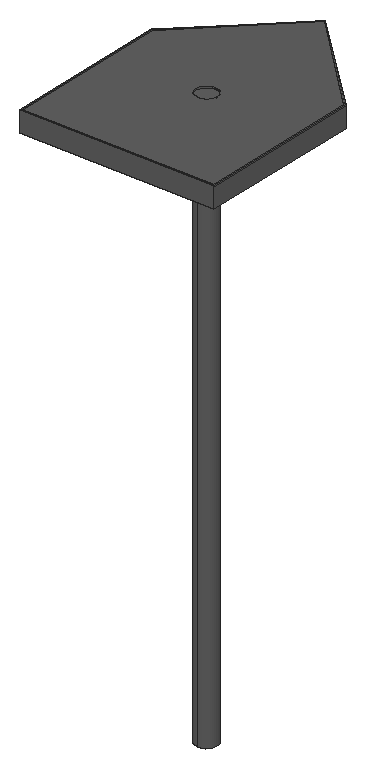
Revit family
Parameters (values of type "ST6-1000-EM")
  Width = 1' - 10"  # constant formula
  URL = "http://www.sitescapesonline.com/index.asp"
  Type Comments = "Stadium Collection, Baseball Theme Table"
  Table Material = Aluminum Sheet - SiteScapes - Powder Coat - Onyx
  Surface Pattern Material = Aluminum Sheet - SiteScapes - Onyx - Table Generic Pattern
  Has Surface Mount = no
  Product Page URL = "http://www.sitescapesonline.com/stadium-tables-chairs.asp"
  Product Documentation Link = "http://www.sitescapesonline.com/pdf/ST6-1000-EM%20-%20Customer%20Print.PDF"
  Model = "ST6-1000-EM"
  Manufacturer = "SiteScapes Inc."  # constant formula
  Height = 3' - 6"
  Embedded Tube Height = 2' - 0"
  Description = "Baseball Theme Table, Embedded Mount"
  Copyright © = "SiteScapes Inc."  # constant formula
  CTRL Tube Radius = 0' - 1 3/16"  # constant formula
  CTRL Tube Offset = 0' - 0"
Types (5): name | Has Surface Mount | Product Documentation Link | Model | Height | Embedded Tube Height | Description | CTRL Tube Offset
  (no name) | no | "http://www.sitescapesonline.com/pdf/ST6-1000-EM%20-%20Customer%20Print.PDF" | "ST6-1000-EM" | 3' - 6" | 2' - 0" | "Baseball Theme Table, Embedded Mount" | 0' - 0"
  ST6-1000-SM | yes | "http://www.sitescapesonline.com/PDF/ST6-1000%20-%20Customer%20Print.PDF" | "ST6-1000-SM" | 3' - 6" | 0' - 0" | "Baseball Theme Table, Surface Mount" | 0' - 0 3/8"
  ST6-1000-EM | no | "http://www.sitescapesonline.com/pdf/ST6-1000-EM%20-%20Customer%20Print.PDF" | "ST6-1000-EM" | 3' - 6" | 2' - 0" | "Baseball Theme Table, Embedded Mount" | 0' - 0"
  ST6-2000-EM | no | "http://www.sitescapesonline.com/pdf/ST6-2000-EM%20-%20Customer%20Print.PDF" | "ST6-2000-EM" | 2' - 7 3/4" | 1' - 6" | "Baseball Theme Table, Embedded Mount" | 0' - 0"
  ST6-2000-SM | yes | "http://www.sitescapesonline.com/pdf/ST6-2000-SM%20-%20Customer%20Print.PDF" | "ST6-2000-SM" | 2' - 7 3/4" | 0' - 0" | "Baseball Theme Table, Surface Mount" | 0' - 0 3/8"
Reference planes (in)
  plane 1 "Center Front/Back": y = 0
  plane 2 "Original Bottom": z = 0
  plane 3 "Center Left/Right": x = 0
  plane 4 "Tube Left": x = -1.1875
  plane 5 "Tube Right": x = 1.1875
  plane 6 "Tube Front": y = -1.1875
  plane 7 "Plate Top": z = 0.375
  plane 8 "Tube Back": y = 1.1875
  plane 9 "Top": z = 42
  plane 10 "Tubing Height": z = 39.625
  plane 11 "Left": x = -11
  plane 12 "Right": x = 11
  plane 13 "Front": y = -12.75
  plane 14 "Left Base": x = -6
  plane 15 "Right Base": x = 6
  plane 16 "Base Transition": y = 6
  plane 17 "Front Base": y = -6
  plane 18 "Back": y = 16.8125
  plane 19 "Tube Bottom": z = 0
  plane 20: z = -24
  plane 21: z = 41.875
Forms (in)
  Sweep 1, solid, material "Aluminum Sheet - SiteScapes - Powder Coat - Onyx" <- "Table Material", detail levels medium+fine
    path origin (0, 0, 0) x (1, 0, 0) y (0, 0, 1)
      loop
        line (0, -24) -> (0, 41.875)
    profile origin (0, 0, 8.9375) x (-1, 0, 0) y (0, -1, 0)
      loop
        circle (0, 0) r 1.1875
  Extrusion 2, solid, material "Aluminum Sheet - SiteScapes - Powder Coat - Onyx" <- "Table Material", detail levels medium+fine
    sketch origin (0, 0, 0) x (1, 0, 0) y (0, 1, 0)
      loop
        line (11, -12.75) -> (11, 6) -> (0, 16.8125) -> (-11, 6) -> (-11, -12.75) -> (11, -12.75)
      loop
        circle (0, 0) r 1.1875
    from 41.875 to 42
  Extrusion 3, solid, material "Aluminum Sheet - SiteScapes - Powder Coat - Onyx" <- "Table Material", visible <- "Has Surface Mount", detail levels medium+fine
    sketch origin (0.3123, 0.90452, 0) x (1, 0, 0) y (0, 1, 0)
      loop
        line (-6.3123, 5.09548) -> (-6.3123, -6.90452) -> (5.6877, -6.90452) -> (5.6877, 5.09548) -> (-6.3123, 5.09548)
    from 0 to 0.375
  Sweep 4, solid, material "Aluminum Sheet - SiteScapes - Powder Coat - Onyx" <- "Table Material", detail levels medium+fine
    path origin (1.1875, 0, 0) x (0, -1, 0) y (0, 0, 1)
      loop
        line (-6, 42) -> (-6, 39.625)
    profile origin (1.1875, 6, 40.8125) x (-1, 0, 0) y (0, -1, 0)
      loop
        line (12.1875, 0) -> (12.1875, 18.75) -> (-9.8125, 18.75) -> (-9.8125, 0) -> (1.1875, -10.8125) -> (12.1875, 0)
      loop
        line (1.1905, -10.72647) -> (12.0625, 0.14553) -> (12.0625, 18.625) -> (-9.6875, 18.625) -> (-9.6875, 0.15153) -> (1.1905, -10.72647)
Lines and regions (in)
  Masking region 1, visible <- "Has Surface Mount"
    outline origin (0, 0, 0) x (1, 0, 0) y (0, 0, 1)
      loop
        line (-6, 0) -> (6, 0) -> (6, 0.375) -> (-6, 0.375) -> (-6, 0)
  Masking region 2, detail levels medium+fine
    outline origin (0, 0, 0) x (1, 0, 0) y (0, 0, 1)
      loop
        line (-1.1875, -24) -> (1.1875, -24) -> (1.1875, 39.625) -> (11, 39.625) -> (11, 42) -> (-11, 42) -> (-11, 39.625) -> (-1.1875, 39.625) -> (-1.1875, -24)
  Masking region 3, visible <- "Has Surface Mount"
    outline origin (0, 0, 0) x (0, 1, 0) y (0, 0, 1)
      loop
        line (-6, 0) -> (6, 0) -> (6, 0.375) -> (-6, 0.375) -> (-6, 0)
  Masking region 4, detail levels medium+fine
    outline origin (0, 0, 0) x (0, 1, 0) y (0, 0, 1)
      loop
        line (-1.1875, -24) -> (1.1875, -24) -> (1.1875, 39.625) -> (16.8125, 39.625) -> (16.8125, 42) -> (-12.75, 42) -> (-12.75, 39.625) -> (-1.1875, 39.625) -> (-1.1875, -24)
  Masking region 5
    outline origin (0, 0, 42) x (-1, 0, 0) y (0, -1, 0)
      loop
        line (0, -16.8125) -> (11, -6) -> (11, 12.75) -> (-11, 12.75) -> (-11, -6) -> (0, -16.8125)
  symbolic lines, detail levels medium+fine
    curve 1: line (-1.1875, 0, 39.625) -> (1.1875, 0, 39.625)
  model lines, detail levels coarse
    curve 2: line (11, -12.75, 42) -> (11, 6, 42)
    curve 3: circle (0, 0, 0) r 1.1875 normal (0, 0, 1)
    curve 26: line (0, 0, -24) -> (0, 0, 39.625)
  model lines, visible <- "Has Surface Mount", detail levels coarse
    curve 4: line (-6, -6, 0.375) -> (6, -6, 0.375)
    curve 5: line (-6, 6, 0.375) -> (-6, -6, 0.375)
    curve 6: line (6, 6, 0.375) -> (-6, 6, 0.375)
    curve 7: line (6, -6, 0.375) -> (6, 6, 0.375)
    curve 8: line (-6, -6, 0) -> (6, -6, 0)
    curve 9: line (-6, 6, 0) -> (-6, -6, 0)
    curve 10: line (6, 6, 0) -> (-6, 6, 0)
    curve 11: line (6, -6, 0) -> (6, 6, 0)
    curve 12: line (-6, -6, 0) -> (-6, -6, 0.375)
    curve 13: line (6, -6, 0) -> (6, -6, 0.375)
    curve 14: line (-6, 6, 0) -> (-6, 6, 0.375)
    curve 15: line (6, 6, 0) -> (6, 6, 0.375)
  model lines, style "SpecialityEquipment", detail levels coarse
    curve 16: line (0, 16.8125, 39.625) -> (-11, 6, 39.625)
    curve 17: line (11, 6, 39.625) -> (0, 16.8125, 39.625)
    curve 18: line (11, -12.75, 39.625) -> (11, 6, 39.625)
    curve 19: line (-11, -12.75, 39.625) -> (11, -12.75, 39.625)
    curve 20: line (-11, 6, 39.625) -> (-11, -12.75, 39.625)
    curve 21: line (0, 16.8125, 42) -> (-11, 6, 42)
    curve 22: line (11, 6, 42) -> (0, 16.8125, 42)
    curve 23: line (11, -12.75, 42) -> (11, 6, 42)
    curve 24: line (-11, -12.75, 42) -> (11, -12.75, 42)
    curve 25: line (-11, 6, 42) -> (-11, -12.75, 42)
    curve 27: line (11, -12.75, 39.625) -> (11, -12.75, 42)
    curve 28: line (11, 6, 39.625) -> (11, 6, 42)
    curve 29: line (0, 16.8125, 39.625) -> (0, 16.8125, 42)
    curve 30: line (-11, -12.75, 39.625) -> (-11, -12.75, 42)
    curve 31: line (11, -12.75, 39.625) -> (11, -12.75, 42)
  symbolic lines, style "Furniture", detail levels medium+fine
    curve 32: circle (0, 0, 42) r 1.1875 normal (0, 0, 1)
Dimensions and locks (in)
  equal spacing: plane 4 "Tube Left", plane 3 "Center Left/Right", plane 5 "Tube Right"
  locked: plane 4 "Tube Left" to plane 5 "Tube Right" at 2.375
  equal spacing: plane 8 "Tube Back", plane 1 "Center Front/Back", plane 6 "Tube Front"
  locked: plane 8 "Tube Back" to plane 6 "Tube Front" at 2.375
  locked: plane 9 "Top" to plane 10 "Tubing Height" at 2.375
  equal spacing: plane 11 "Left", plane 3 "Center Left/Right", plane 12 "Right"
  "Width": plane 11 "Left" to plane 12 "Right"
  locked: plane 1 "Center Front/Back" to plane 13 "Front" at 12.75
  locked: plane 1 "Center Front/Back" to plane 18 "Back" at 16.8125
  "CTRL Tube Offset": plane 19 "Tube Bottom" to plane 2 "Original Bottom"
  "Height": plane 9 "Top" to plane 2 "Original Bottom"
  locked: plane 9 "Top" to plane 21 at 0.125
  "Embedded Tube Height": plane 19 "Tube Bottom" to plane 20
  plane 14 "Left Base" to plane 3 "Center Left/Right" to plane 15 "Right Base" = 0' - 6" locked, 0' - 6" locked
  "CTRL Tube Radius": radius of Sweep 1 sketch curve
  "CTRL Tube Radius": radius of curve 3
  aligned and locked: level to plane 2 "Original Bottom"
  aligned and locked: plane 9 "Top" to Extrusion 2
  aligned: Extrusion 2 to plane 10 "Tubing Height"
  aligned and locked: plane 7 "Plate Top" to Extrusion 3
  aligned and locked: plane 11 "Left" to Extrusion 2
  aligned and locked: plane 13 "Front" to Extrusion 2
  aligned and locked: plane 12 "Right" to Extrusion 2
  aligned and locked: plane 17 "Front Base" to Extrusion 3
  aligned and locked: plane 15 "Right Base" to Extrusion 3
  aligned and locked: plane 16 "Base Transition" to Extrusion 3
  aligned and locked: plane 14 "Left Base" to Extrusion 3
  aligned and locked: plane 11 "Left" to Extrusion 2 sketch curve  (x2)
  aligned and locked: plane 12 "Right" to Extrusion 2 sketch curve  (x2)
  aligned and locked: plane 13 "Front" to Extrusion 2 sketch curve
  aligned and locked: plane 3 "Center Left/Right" to Extrusion 2 sketch curve
  aligned and locked: plane 18 "Back" to Extrusion 2 sketch curve
  aligned and locked: plane 16 "Base Transition" to Extrusion 2 sketch curve  (x2)
  aligned and locked: plane 3 "Center Left/Right" to Sweep 1 sketch curve  (x3)
  aligned and locked: plane 1 "Center Front/Back" to Sweep 1 sketch curve
  aligned and locked: plane 7 "Plate Top" to Masking region 1 sketch curve
  aligned and locked: Masking region 1 sketch curve to plane 2 "Original Bottom"
  aligned and locked: Masking region 1 sketch curve to plane 15 "Right Base"
  aligned and locked: Masking region 1 sketch curve to plane 14 "Left Base"
  aligned and locked: Extrusion 3 to plane 2 "Original Bottom"
  aligned and locked: Masking region 2 sketch curve to plane 4 "Tube Left"
  aligned and locked: plane 5 "Tube Right" to Masking region 2 sketch curve
  aligned and locked: plane 10 "Tubing Height" to Masking region 2 sketch curve  (x2)
  aligned and locked: Masking region 2 sketch curve to plane 12 "Right"
  aligned and locked: plane 11 "Left" to Masking region 2 sketch curve
  aligned and locked: Masking region 2 sketch curve to plane 9 "Top"
  aligned and locked: plane 16 "Base Transition" to Masking region 3 sketch curve
  aligned and locked: Masking region 3 sketch curve to plane 17 "Front Base"
  aligned and locked: Masking region 3 sketch curve to plane 2 "Original Bottom"
  aligned and locked: plane 7 "Plate Top" to Masking region 3 sketch curve
  aligned and locked: plane 13 "Front" to curve 2
  aligned and locked: curve 2 to plane 9 "Top"
  aligned and locked: plane 12 "Right" to curve 2
  aligned and locked: plane 1 "Center Front/Back" to curve 3
  aligned and locked: plane 3 "Center Left/Right" to curve 3
  aligned and locked: plane 16 "Base Transition" to curve 6
  aligned and locked: curve 7 to plane 15 "Right Base"
  aligned and locked: curve 4 to plane 17 "Front Base"
  aligned and locked: curve 5 to plane 14 "Left Base"
  aligned: curve 7 to plane 19 "Tube Bottom"
  aligned and locked: curve 3 to plane 19 "Tube Bottom"
  aligned: plane 19 "Tube Bottom" to curve 5
  aligned: curve 4 to plane 19 "Tube Bottom"
  aligned: plane 19 "Tube Bottom" to curve 6
  aligned and locked: plane 16 "Base Transition" to curve 10
  aligned and locked: curve 11 to plane 15 "Right Base"
  aligned and locked: curve 9 to plane 14 "Left Base"
  aligned and locked: curve 8 to plane 17 "Front Base"
  aligned and locked: curve 8 to plane 2 "Original Bottom"
  aligned and locked: plane 2 "Original Bottom" to curve 10
  aligned and locked: curve 11 to plane 2 "Original Bottom"
  aligned and locked: plane 2 "Original Bottom" to curve 9
  aligned and locked: plane 2 "Original Bottom" to curve 12
  aligned and locked: plane 14 "Left Base" to curve 12
  aligned and locked: plane 2 "Original Bottom" to curve 13
  aligned and locked: curve 13 to plane 15 "Right Base"
  aligned and locked: plane 17 "Front Base" to curve 13
  aligned and locked: plane 17 "Front Base" to curve 12
  aligned and locked: plane 2 "Original Bottom" to curve 14
  aligned and locked: plane 2 "Original Bottom" to curve 15
  aligned and locked: plane 14 "Left Base" to curve 14
  aligned and locked: curve 15 to plane 15 "Right Base"
  aligned and locked: plane 7 "Plate Top" to curve 12
  aligned and locked: plane 7 "Plate Top" to curve 14
  aligned and locked: plane 7 "Plate Top" to curve 13
  aligned and locked: plane 7 "Plate Top" to curve 15
  aligned and locked: Masking region 4 sketch curve to plane 9 "Top"
  aligned and locked: Masking region 4 sketch curve to plane 18 "Back"
  aligned and locked: plane 13 "Front" to Masking region 4 sketch curve
  aligned and locked: plane 10 "Tubing Height" to Masking region 4 sketch curve  (x2)
  aligned and locked: plane 6 "Tube Front" to Masking region 4 sketch curve
  aligned and locked: plane 8 "Tube Back" to Masking region 4 sketch curve
  aligned and locked: Masking region 5 sketch curve to plane 13 "Front"
  aligned and locked: plane 12 "Right" to Masking region 5 sketch curve  (x2)
  aligned and locked: plane 16 "Base Transition" to Masking region 5 sketch curve  (x2)
  aligned and locked: plane 11 "Left" to Masking region 5 sketch curve
  aligned and locked: plane 18 "Back" to Masking region 5 sketch curve
  aligned and locked: plane 3 "Center Left/Right" to Masking region 5 sketch curve
  aligned and locked: Sweep 4 sketch curve to Extrusion 2  (x5)
  aligned: plane 21 to Extrusion 2
  aligned: plane 21 to Sweep 1
  aligned: plane 19 "Tube Bottom" to Sweep 1
  aligned and locked: Extrusion 2 to plane 21
  aligned and locked: Extrusion 2 to plane 9 "Top"
  aligned: plane 20 to Sweep 1
  aligned and locked: Masking region 2 sketch curve to plane 20
  aligned and locked: Masking region 2 to plane 20
  aligned and locked: curve 16 to Sweep 4
  aligned and locked: curve 17 to Sweep 4
  aligned and locked: curve 18 to Sweep 4
  aligned and locked: curve 19 to Sweep 4
  aligned and locked: curve 20 to Sweep 4
  aligned and locked: curve 21 to Sweep 4
  aligned and locked: curve 22 to Sweep 4
  aligned and locked: curve 23 to Sweep 4
  aligned and locked: curve 24 to Sweep 4
  aligned and locked: curve 25 to Sweep 4
  aligned and locked: plane 20 to Sweep 1 sketch curve
  aligned and locked: curve 26 to plane 1 "Center Front/Back"
  aligned and locked: plane 20 to curve 26
  aligned and locked: plane 13 "Front" to curve 31
  aligned and locked: plane 20 to Masking region 4 sketch curve
  aligned and locked: curve 32 to Extrusion 2
Automatic sketch dimensions
  plane 1 "Center Front/Back" to Extrusion 2 sketch curve = 0' - 0"
  Extrusion 2 sketch curve to plane 3 "Center Left/Right" = 0' - 0"
  plane 5 "Tube Right" to curve 1 = 0' - 0"
  Extrusion 3 sketch curve to plane 14 "Left Base" = 0' - 0"
  Extrusion 3 sketch curve to plane 15 "Right Base" = 0' - 0"
  Extrusion 3 sketch curve to plane 17 "Front Base" = 0' - 0"
  Extrusion 3 sketch curve to plane 16 "Base Transition" = 0' - 0"
  Sweep 4 sketch curve to plane 10 "Tubing Height" = 0' - 0"
  Sweep 4 sketch curve to plane 16 "Base Transition" = 0' - 0"
  Sweep 4 sketch curve to plane 9 "Top" = 0' - 0"
  Sweep 4 sketch curve to Sweep 4 sketch curve = 0' - 0 1/8"  (x3)
  Sweep 4 sketch curve to Sweep 4 sketch curve = 0' - 0.003"
  Sweep 4 sketch curve to Sweep 4 sketch curve = 0' - 0.08603"
  Sweep 4 sketch curve to profile plane = 0' - 0.14553"
  plane 4 "Tube Left" to curve 1 = 0' - 0"
  curve 1 to plane 10 "Tubing Height" = 0' - 0"
  curve 29 to plane 3 "Center Left/Right" = 0' - 0"
  curve 29 to plane 10 "Tubing Height" = 0' - 0"
  curve 29 to plane 9 "Top" = 0' - 0"
  Sweep 1 sketch curve to plane 21 = 0' - 0"
  curve 26 to plane 10 "Tubing Height" = 0' - 0"
  curve 30 to plane 9 "Top" = 0' - 0"
  curve 30 to plane 13 "Front" = 0' - 0"
  curve 30 to plane 10 "Tubing Height" = 0' - 0"
  curve 31 to plane 9 "Top" = 0' - 0"
  curve 28 to plane 9 "Top" = 0' - 0"
  curve 28 to plane 16 "Base Transition" = 0' - 0"
  curve 31 to plane 10 "Tubing Height" = 0' - 0"
  curve 28 to plane 10 "Tubing Height" = 0' - 0"
  radius of Extrusion 2 sketch curve = 0' - 1 3/16"
